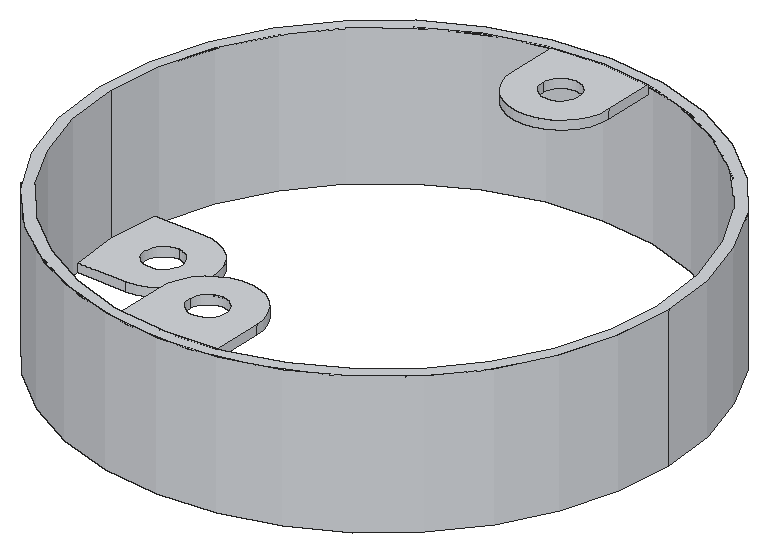
Revit family "SR16G", category Generic Models, Revit 2017
Family settings
  Can host rebar = No
  Round Connector Dimension = Use Diameter
  Part Type = Normal
  Work Plane-Based = Yes
  Always vertical = No
  Cut with Voids When Loaded = No
  Shared = No
  Room Calculation Point = No
Parameters (values of type "NBS Standard Parameters")
  Weight = "0.032Kg"
  WarrantyStartDate [instance] = "1900-12-31T23:59:59"
  WarrantyGuarantorParts = "n/a"
  WarrantyGuarantorLabor = "n/a"
  WarrantyDurationUnit = "year"
  WarrantyDurationParts = "n/a"
  WarrantyDurationLabor = "n/a"
  WarrantyDescription = "n/a"
  Version = "1"
  Uniclass2 = "Pr_65_70_11_20"
  TagNumber [instance] = "n/a"
  SustainabilityPerformance = "n/a"
  Size = "16mm"
  Shape = "Circular"
  SerialNumber [instance] = "n/a"
  Revision = "n/a"
  ReplacementCost = "n/a"
  ProductInformation = "www.metpro.co.uk/pdf/sr16g.pdf"
  NominalWidth = 65 mm
  NominalLength = 65 mm
  NominalHeight = 16 mm
  Name = ""
  NBSTypeID = ""
  NBSReference = "90-55-10/460"
  NBSOfficeMasterTag = ""
  NBSNote = ""
  NBSDescription = "Conduit Fittings"
  NBSCertification = ""
  ModelReference = "SR16G"
  ModelNumber = "n/a"
  Material = "Steel"
  ManufacturerURL = "www.metpro.co.uk"
  ManufacturerName = "Metpro Ltd"
  InstallationDate [instance] = "1900-12-31T23:59:59"
  IfcExportType = ""
  IfcExportAs = ""
  Grade = "n/a"
  Finish = "BZP"
  Features = "n/a"
  ExpectedLife = "n/a"
  DurationUnit = "year"
  Description = "SR16G - 16mm Extension Box"
  Default Elevation = 1219.2 mm
  Constituents = "n/a"
  Color = "n/a"
  CodePerformance = "n/a"
  Category = "n/a"
  BarCode [instance] = "n/a"
  BIMObjectName = "Metpro_metprolibrary_conduitfittings_metalcomponent_steelaccessories"
  Author = "Metpro Ltd"
  AssetType = ""
  AssetIdentifier [instance] = "n/a"
  AccessibilityPerformance = "n/a"
Reference planes
  plane 1 "Center (Front/Back)": y = 0
  plane 2: z = 0
  plane 3 "Center (Left/Right)": x = 0
Forms (mm)
  Extrusion 1, solid
    sketch origin (32.5, -33.19, 0) x (1, 0, 0) y (0, 1, 0)
      loop
        circle (0, 0) r 32.5
      loop
        circle (0, 0) r 31.25
    from 0 to 16
  Extrusion 2, solid
    sketch origin (32.5, -33.19, 16) x (1, 0, 0) y (0, 1, 0)
      loop
        arc (5.546, -25.174) -> (0.046, -19.674) -> (-5.454, -25.174) r 5.5
        line (-5.454, -25.174) -> (-5.454, -30.77)
        arc (-5.454, -30.77) -> (0.047, -31.25) -> (5.546, -30.754) r 31.25
        line (5.546, -30.754) -> (5.546, -25.174)
      loop
        circle (0, -25.2) r 2.1
      loop
        line (5.546, 25.174) -> (5.546, 30.754)
        arc (5.546, 30.754) -> (0.047, 31.25) -> (-5.454, 30.77) r 31.25
        line (-5.454, 30.77) -> (-5.454, 25.174)
        arc (-5.454, 25.174) -> (0.046, 19.674) -> (5.546, 25.174) r 5.5
      loop
        circle (0, 25.2) r 2.1
    from 0 to -1
  Extrusion 3, solid
    sketch origin (32.5, -33.19, 0) x (0, 1, 0) y (1, 0, 0)
      loop
        line (5.546, 25.174) -> (5.546, 30.754)
        arc (5.546, 30.754) -> (0.047, 31.25) -> (-5.454, 30.77) r 31.25
        line (-5.454, 30.77) -> (-5.454, 25.174)
        arc (-5.454, 25.174) -> (0.046, 19.674) -> (5.546, 25.174) r 5.5
      loop
        circle (0, 25.2) r 2.1
      loop
        arc (5.546, -25.174) -> (0.046, -19.674) -> (-5.454, -25.174) r 5.5
        line (-5.454, -25.174) -> (-5.454, -30.77)
        arc (-5.454, -30.77) -> (0.047, -31.25) -> (5.546, -30.754) r 31.25
        line (5.546, -30.754) -> (5.546, -25.174)
      loop
        circle (0, -25.2) r 2.1
    from 0 to -1
Dimensions and locks
  aligned and locked: level to plane 2
